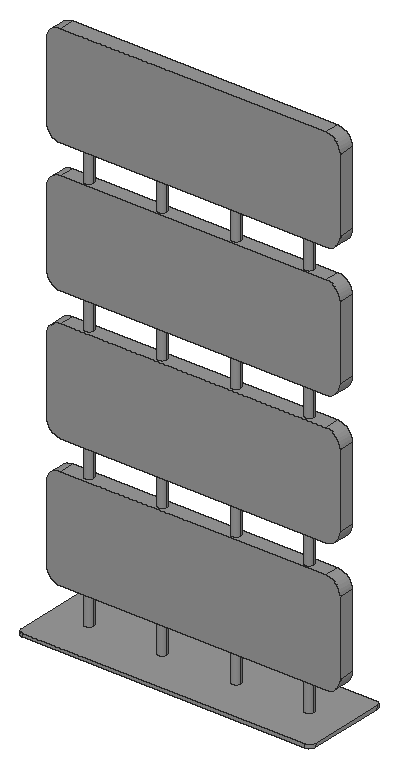
Revit family "GE6 -4 Panels", category Furniture, Revit 2019
Family settings
  OmniClass Number = 23.40.20.00
  OmniClass Title = General Furniture and Specialties
  Work Plane-Based = No
  Always vertical = Yes
  Cut with Voids When Loaded = No
  Shared = No
  Room Calculation Point = No
Parameters (values of type "1000 x 300 x 1800 High")
  Width = 1000 mm
  URL = "www.gof.co.uk"
  Supports = Gresham - SILVER METAL
  Support Dimensions = 250 mm
  Fins = GABRIEL Byron_15101
  Range = "SCREENS"
  Product Data Specification = ""
  Product Code = "GE6C2"
  Product Brochure = ""
  Model = "GE6"
  Manufacturer = "Gresham Office Furniture"  # constant formula
  Depth = 300 mm
  Base = Gresham - SILVER METAL
  Assembly Code = "E2020200"
Types (3, lengths in mm): name | Width | Support Dimensions | Product Code
  (no name) | 1000 | 250 | "GE6C2"
  1000 x 300 x 1800 High | 1000 | 250 | "GE6C2"
  1200 x 300 x 1800 High | 1200 | 300 | "GE6D2"
Reference planes
  plane 1 "Center (Front/Back)": y = 0
  plane 2: z = 0
  plane 3 "Center (Left/Right)": x = 0
  plane 4: y = -150
  plane 5: x = 500
  plane 6: x = -500
  plane 7: y = 150
  plane 8 "Base": z = 10
  plane 9: z = 1810
Forms (mm)
  Extrusion 1, solid, material "Gresham - SILVER METAL" <- "Base"
    sketch origin (0, 0, 5) x (0, -1, 0) y (1, 0, 0)
      loop
        arc (-150, -480) -> (-144.142, -494.142) -> (-130, -500) r 20
        line (-130, -500) -> (130, -500)
        arc (130, -500) -> (144.142, -494.142) -> (150, -480) r 20
        line (150, -480) -> (150, 480)
        arc (150, 480) -> (144.142, 494.142) -> (130, 500) r 20
        line (130, 500) -> (-130, 500)
        arc (-130, 500) -> (-144.142, 494.142) -> (-150, 480) r 20
        line (-150, 480) -> (-150, -480)
    from -5 to 5
  Extrusion 2, solid, material "GABRIEL Byron_15101" <- "Fins"
    sketch origin (0, 0, 10) x (1, 0, 0) y (0, 0, 1)
      loop
        line (450, 1350) -> (-450, 1350)
        arc (-450, 1350) -> (-485.355, 1335.355) -> (-500, 1300) r 50
        line (-500, 1300) -> (-500, 1050)
        arc (-500, 1050) -> (-485.355, 1014.645) -> (-450, 1000) r 50
        line (-450, 1000) -> (450, 1000)
        arc (450, 1000) -> (485.355, 1014.645) -> (500, 1050) r 50
        line (500, 1050) -> (500, 1300)
        arc (500, 1300) -> (485.355, 1335.355) -> (450, 1350) r 50
    from -25 to 25
  Extrusion 3, solid, material "GABRIEL Byron_15101" <- "Fins"
    sketch origin (0, 0, 1910) x (1, 0, 0) y (0, 0, 1)
      loop
        arc (450, -1350) -> (485.355, -1335.355) -> (500, -1300) r 50
        line (500, -1300) -> (500, -1050)
        arc (500, -1050) -> (485.355, -1014.645) -> (450, -1000) r 50
        line (450, -1000) -> (-450, -1000)
        arc (-450, -1000) -> (-485.355, -1014.645) -> (-500, -1050) r 50
        line (-500, -1050) -> (-500, -1300)
        arc (-500, -1300) -> (-485.355, -1335.355) -> (-450, -1350) r 50
        line (-450, -1350) -> (450, -1350)
    from -25 to 25
  Extrusion 4, solid, material "GABRIEL Byron_15101" <- "Fins"
    sketch origin (0, 0, 1460) x (1, 0, 0) y (0, 0, 1)
      loop
        arc (450, -1350) -> (485.355, -1335.355) -> (500, -1300) r 50
        line (500, -1300) -> (500, -1050)
        arc (500, -1050) -> (485.355, -1014.645) -> (450, -1000) r 50
        line (450, -1000) -> (-450, -1000)
        arc (-450, -1000) -> (-485.355, -1014.645) -> (-500, -1050) r 50
        line (-500, -1050) -> (-500, -1300)
        arc (-500, -1300) -> (-485.355, -1335.355) -> (-450, -1350) r 50
        line (-450, -1350) -> (450, -1350)
    from -25 to 25
  Extrusion 5, solid, material "Gresham - SILVER METAL" <- "Supports"
    sketch origin (0, 0, 10) x (-1, 0, 0) y (0, -1, 0)
      loop
        circle (-375, 0) r 15
      loop
        circle (-125, 0) r 15
      loop
        circle (375, 0) r 15
      loop
        circle (125, 0) r 15
    from 0 to 100
  Extrusion 6, solid, material "Gresham - SILVER METAL" <- "Supports"
    sketch origin (0, 0, 460) x (-1, 0, 0) y (0, -1, 0)
      loop
        circle (-375, 0) r 15
      loop
        circle (-125, 0) r 15
      loop
        circle (375, 0) r 15
      loop
        circle (125, 0) r 15
    from 0 to 100
  Extrusion 7, solid, material "Gresham - SILVER METAL" <- "Supports"
    sketch origin (0, 0, 910) x (-1, 0, 0) y (0, -1, 0)
      loop
        circle (-375, 0) r 15
      loop
        circle (-125, 0) r 15
      loop
        circle (375, 0) r 15
      loop
        circle (125, 0) r 15
    from 0 to 100
  Extrusion 8, solid, material "GABRIEL Byron_15101" <- "Fins"
    sketch origin (0, 0, 460) x (1, 0, 0) y (0, 0, 1)
      loop
        line (450, 1350) -> (-450, 1350)
        arc (-450, 1350) -> (-485.355, 1335.355) -> (-500, 1300) r 50
        line (-500, 1300) -> (-500, 1050)
        arc (-500, 1050) -> (-485.355, 1014.645) -> (-450, 1000) r 50
        line (-450, 1000) -> (450, 1000)
        arc (450, 1000) -> (485.355, 1014.645) -> (500, 1050) r 50
        line (500, 1050) -> (500, 1300)
        arc (500, 1300) -> (485.355, 1335.355) -> (450, 1350) r 50
    from -25 to 25
  Extrusion 9, solid, material "Gresham - SILVER METAL" <- "Supports"
    sketch origin (0, 0, 1360) x (-1, 0, 0) y (0, -1, 0)
      loop
        circle (-375, 0) r 15
      loop
        circle (-125, 0) r 15
      loop
        circle (375, 0) r 15
      loop
        circle (125, 0) r 15
    from 0 to 100
Dimensions and locks
  equal spacing: plane 6, plane 3 "Center (Left/Right)", plane 5
  "Width": plane 6 to plane 5
  equal spacing: plane 7, plane 1 "Center (Front/Back)", plane 4
  "Depth": plane 7 to plane 4
  plane 8 "Base" to level = 10 mm
  "Support Dimensions": Extrusion 5 sketch curve to Extrusion 5 sketch curve  (x3)
  "Support Dimensions": Extrusion 6 sketch curve to Extrusion 6 sketch curve  (x3)
  "Support Dimensions": Extrusion 7 sketch curve to Extrusion 7 sketch curve  (x3)
  equal spacing: Extrusion 7 sketch curve, plane 3 "Center (Left/Right)", Extrusion 7 sketch curve
  equal spacing: Extrusion 5 sketch curve, plane 3 "Center (Left/Right)", Extrusion 5 sketch curve
  equal spacing: Extrusion 6 sketch curve, plane 3 "Center (Left/Right)", Extrusion 6 sketch curve
  "Support Dimensions": Extrusion 9 sketch curve to Extrusion 9 sketch curve  (x3)
  plane 9 to level = 1810 mm
  equal spacing: Extrusion 9 sketch curve, plane 3 "Center (Left/Right)", Extrusion 9 sketch curve
  aligned and locked: level to plane 2
Automatic sketch dimensions
  Extrusion 1 sketch curve to plane 7 = 0 mm
  Extrusion 1 sketch curve to plane 6 = 0 mm
  Extrusion 1 sketch curve to plane 5 = 0 mm
  Extrusion 1 sketch curve to plane 4 = 0 mm
  Extrusion 1 sketch curve to plane 7 = 20 mm  (x2)
  Extrusion 1 sketch curve to Extrusion 1 sketch curve = 20 mm
  plane 4 to Extrusion 1 sketch curve = 20 mm
  Extrusion 2 sketch curve to plane 6 = 0 mm
  plane 5 to Extrusion 2 sketch curve = 0 mm
  plane 6 to Extrusion 2 sketch curve = 50 mm  (x2)
  Extrusion 2 sketch curve to Extrusion 2 sketch curve = 50 mm  (x2)
  plane 8 "Base" to Extrusion 2 sketch curve = 1000 mm
  Extrusion 2 sketch curve to Extrusion 2 sketch curve = 250 mm
  Extrusion 3 sketch curve to plane 6 = 0 mm
  plane 5 to Extrusion 3 sketch curve = 0 mm
  Extrusion 3 sketch curve to plane 6 = 50 mm
  Extrusion 3 sketch curve to Extrusion 3 sketch curve = 50 mm
  Extrusion 3 sketch curve to plane 5 = 50 mm  (x2)
  Extrusion 3 sketch curve to plane 8 "Base" = 900 mm
  Extrusion 3 sketch curve to Extrusion 3 sketch curve = 250 mm
  Extrusion 4 sketch curve to plane 6 = 0 mm
  plane 5 to Extrusion 4 sketch curve = 0 mm
  Extrusion 4 sketch curve to plane 6 = 50 mm  (x2)
  Extrusion 4 sketch curve to plane 5 = 50 mm  (x2)
  Extrusion 4 sketch curve to plane 8 "Base" = 450 mm
  Extrusion 4 sketch curve to plane 8 "Base" = 150 mm
  Extrusion 8 sketch curve to plane 6 = 0 mm
  plane 5 to Extrusion 8 sketch curve = 0 mm
  plane 6 to Extrusion 8 sketch curve = 50 mm
  Extrusion 8 sketch curve to Extrusion 8 sketch curve = 50 mm
  plane 5 to Extrusion 8 sketch curve = 50 mm  (x2)
  plane 8 "Base" to Extrusion 8 sketch curve = 1450 mm
  Extrusion 8 sketch curve to Extrusion 8 sketch curve = 250 mm
  plane 1 "Center (Front/Back)" to Extrusion 5 sketch curve = 0 mm  (x4)
  plane 1 "Center (Front/Back)" to Extrusion 6 sketch curve = 0 mm  (x4)
  plane 1 "Center (Front/Back)" to Extrusion 7 sketch curve = 0 mm  (x4)
  plane 1 "Center (Front/Back)" to Extrusion 9 sketch curve = 0 mm  (x4)
  radius of Extrusion 5 sketch curve = 15 mm  (x4)
  radius of Extrusion 6 sketch curve = 15 mm  (x4)
  radius of Extrusion 7 sketch curve = 15 mm  (x4)
  radius of Extrusion 9 sketch curve = 15 mm  (x4)
